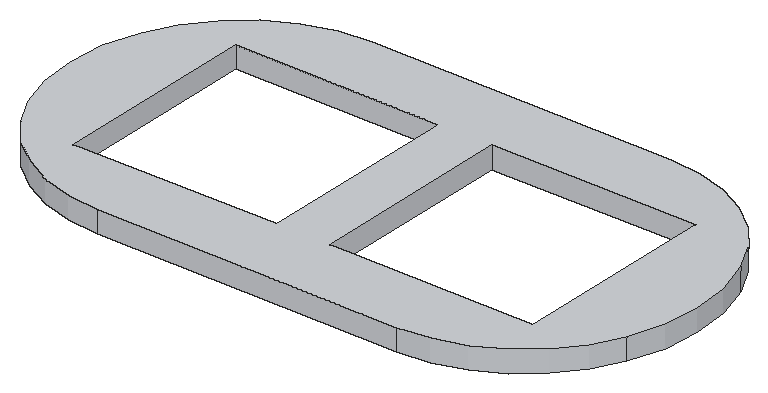
Revit family "Gira_0212135", category Electrical Fixtures, host Face, Revit 2017
Family settings
  Host = Face
  Maintain Annotation Orientation = No
  Round Connector Dimension = Use Diameter
  Part Type = Normal
  Cut with Voids When Loaded = No
  Shared = No
  Room Calculation Point = No
Parameters (values of type "Abdeckrahmen 2f Gira Studio G Schwarz")
  Werkstoffgüte = "Echtglas"
  Werkstoff = "Glas"
  URL = "http://katalog.gira.de/de_DE/datenblatt.html?artikelnr=0212135"
  Transparent = "Yes"
  Textfeld/Beschriftungsfläche = "No"
  Schutzart (IP) = "IP20"
  Region = "DE"
  Oberfläche = "sonstige"
  Name = "Abdeckrahmen 2f Gira Studio G Schwarz"
  Montagerichtung = "horizontal und vertikal"
  Mit Montagerahmen = "No"
  Mit Klappdeckel = "No"
  Manufacturer URL = "https://www.gira.de/"
  Keynote = "Studio_Rahmen_Abdeckplatte_2fach"
  HeinzeBIM = "https://bimportal.heinze.de/bim/abdeckrahmen-2f-gira-studio-g-schwarz/4ded9c4e325d7cdc9f3b0441bd73f83e2d3b3484"
  Halogenfrei = "No"
  HAN = "0212135"
  Geeignet für Unterputz-Installation = "Yes"
  Geeignet für Unterflurkanaldose = "No"
  Geeignet für Geräteeinbaukanal = "No"
  Geeignet für Einbauinstallation = "No"
  GTIN = "4010337045670"
  Farbe = "schwarz"
  Default Elevation = 1219.2 mm
  Data sheet (1) = "https://katalog.gira.de/de_DE/download.html?artikelnr=0212135"
  Category = "Abdeckrahmen"
  Befestigungsart = "Klemmbefestigung"
  BIM (1) = "https://media.live.bim.site/public/gira/9fde4c0/Studio_Rahmen_Abdeckplatte_2fach.rfa"
  Available = "Yes"
  Ausführung der Oberfläche = "glänzend"
  Anzahl der Einheiten vertikal = "2 "
  Anzahl der Einheiten horizontal = "2 "
  Anzahl der Einheiten = "2 "
Reference planes
  plane 1 "Center (Front/Back)": y = 0
  plane 2: z = 0
  plane 3 "Center (Left/Right)": x = 0
Forms (mm)
  Extrusion 1, solid, detail levels fine
    sketch origin (0, 0, 0) x (0, -1, 0) y (1, 0, 0)
      loop
        arc (-47.5, -41.55) -> (-39.942, -66.512) -> (-19.808, -83.088) r 45
        arc (-19.808, -83.088) -> (0, -87.05) -> (19.808, -83.088) r 51.5
        arc (19.808, -83.088) -> (39.942, -66.512) -> (47.5, -41.55) r 45
        line (47.5, -41.55) -> (47.5, 41.55)
        arc (47.5, 41.55) -> (39.942, 66.512) -> (19.808, 83.088) r 45
        arc (19.808, 83.088) -> (0, 87.05) -> (-19.808, 83.088) r 51.5
        arc (-19.808, 83.088) -> (-39.942, 66.512) -> (-47.5, 41.55) r 45
        line (-47.5, 41.55) -> (-47.5, -41.55)
      loop
        line (-28.2, -63.75) -> (28.2, -63.75) -> (28.2, -7.35) -> (-28.2, -7.35) -> (-28.2, -63.75)
      loop
        line (28.2, 63.75) -> (-28.2, 63.75) -> (-28.2, 7.35) -> (28.2, 7.35) -> (28.2, 63.75)
    from 0 to 6
  Extrusion 2, solid, detail levels medium
    sketch origin (0, 0, 0) x (0, -1, 0) y (1, 0, 0)
      loop
        arc (-47.5, -41.55) -> (-39.942, -66.512) -> (-19.808, -83.088) r 45
        arc (-19.808, -83.088) -> (0, -87.05) -> (19.808, -83.088) r 51.5
        arc (19.808, -83.088) -> (39.942, -66.512) -> (47.5, -41.55) r 45
        line (47.5, -41.55) -> (47.5, 41.55)
        arc (47.5, 41.55) -> (39.942, 66.512) -> (19.808, 83.088) r 45
        arc (19.808, 83.088) -> (0, 87.05) -> (-19.808, 83.088) r 51.5
        arc (-19.808, 83.088) -> (-39.942, 66.512) -> (-47.5, 41.55) r 45
        line (-47.5, 41.55) -> (-47.5, -41.55)
    from 0 to 6
  Extrusion 3, solid, detail levels coarse
    sketch origin (0, 0, 0) x (0, -1, 0) y (1, 0, 0)
      loop
        line (-47.5, 87.05) -> (-47.5, -87.05) -> (47.5, -87.05) -> (47.5, 87.05) -> (-47.5, 87.05)
    from 0 to 6
Dimensions and locks
  aligned and locked: plane 2 to host face
  aligned and locked: level to host face
